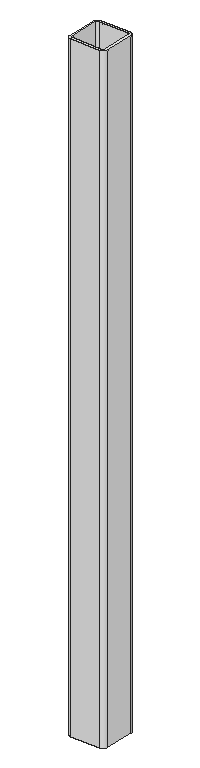
Revit family
Parameters (values of type "SHS150x150x9")
  Column Material [instance] = Metal - Steel - 345 MPa
  Assembly Code = ""
  A = 0.005 m²
  Ht = 150 mm
  W = 0.36971
  Shape = "Square"
  b = 150 mm
  kr = 2 * t  # 18 mm
  t = 9 mm
Reference planes
  plane 1 "Center (Front/Back)": y = 0
  plane 2: z = 0
  plane 3 "Center (Left/Right)": x = 0
  plane 4: x = -75
  plane 5: x = 75
  plane 6: y = 75
  plane 7: y = -75
  plane 8: x = -57
  plane 9: y = -57
  plane 10: y = 57
  plane 11: x = 57
Forms (mm)
  Extrusion 1, solid, material "Metal - Steel - 345 MPa" <- "Column Material", detail levels medium
    sketch origin (0, 0, 0) x (1, 0, 0) y (0, 1, 0)
      loop
        line (-75, 75) -> (-75, -75) -> (75, -75) -> (75, 75) -> (-75, 75)
      loop
        line (-66, 66) -> (-66, -66) -> (66, -66) -> (66, 66) -> (-66, 66)
    from 0 to 2500
  Extrusion 2, solid, material "Metal - Steel - 345 MPa" <- "Column Material", detail levels fine
    sketch origin (0, 0, 0) x (1, 0, 0) y (0, 1, 0)
      loop
        arc (-57, 75) -> (-69.728, 69.728) -> (-75, 57) r 18
        line (-75, 57) -> (-75, -57)
        arc (-75, -57) -> (-69.728, -69.728) -> (-57, -75) r 18
        line (-57, -75) -> (57, -75)
        arc (57, -75) -> (69.728, -69.728) -> (75, -57) r 18
        line (75, -57) -> (75, 57)
        arc (75, 57) -> (69.728, 69.728) -> (57, 75) r 18
        line (57, 75) -> (-57, 75)
      loop
        arc (-57, 66) -> (-63.364, 63.364) -> (-66, 57) r 9
        line (-66, 57) -> (-66, -57)
        arc (-66, -57) -> (-63.364, -63.364) -> (-57, -66) r 9
        line (-57, -66) -> (57, -66)
        arc (57, -66) -> (63.364, -63.364) -> (66, -57) r 9
        line (66, -57) -> (66, 57)
        arc (66, 57) -> (63.364, 63.364) -> (57, 66) r 9
        line (57, 66) -> (-57, 66)
    from 0 to 2500
Lines and regions (mm)
  symbolic lines, style "StructuralColumnStickSymbols", detail levels coarse
    curve 1: line (-75, 75, 0) -> (75, 75, 0)
    curve 2: line (-75, -75, 0) -> (75, -75, 0)
    curve 5: line (-75, 75, 0) -> (-75, -75, 0)
    curve 6: line (75, 75, 0) -> (75, -75, 0)
  symbolic lines, style "Hidden Faces", detail levels medium+fine
    curve 3: line (-66, 0, 0) -> (-66, 0, 2500)
    curve 4: line (66, 0, 2500) -> (66, 0, 0)
Dimensions and locks
  equal spacing: plane 4, plane 3 "Center (Left/Right)", plane 5
  equal spacing: plane 7, plane 1 "Center (Front/Back)", plane 6
  "Ht": plane 7 to plane 6
  "b": plane 4 to plane 5
  "t": Extrusion 1 sketch curve to plane 5
  "t": plane 4 to Extrusion 1 sketch curve
  "t": Extrusion 1 sketch curve to plane 6
  "t": Extrusion 1 sketch curve to plane 7
  "t": Extrusion 2 sketch curve to plane 6
  "t": Extrusion 2 sketch curve to plane 5
  "t": plane 4 to Extrusion 2 sketch curve
  "t": Extrusion 2 sketch curve to plane 7
  "kr": plane 10 to plane 6
  "kr": plane 7 to plane 9
  "kr": plane 11 to plane 5
  "kr": plane 4 to plane 8
  aligned and locked: plane 6 to Extrusion 1 sketch curve
  aligned and locked: Extrusion 1 sketch curve to plane 7
  aligned and locked: Extrusion 1 sketch curve to plane 4
  aligned and locked: plane 5 to Extrusion 1 sketch curve
  aligned and locked: level to Extrusion 1
  aligned and locked: level to plane 2
  aligned and locked: Extrusion 1 to plane 2
  aligned and locked: curve 1 to Extrusion 2 sketch curve
  aligned and locked: Extrusion 2 sketch curve to Extrusion 1
  aligned and locked: level to Extrusion 2
  aligned and locked: curve 4 to Extrusion 2
  aligned and locked: curve 3 to Extrusion 2
Automatic sketch dimensions
  Extrusion 2 sketch curve to plane 8 = 0 mm  (x4)
  Extrusion 2 sketch curve to plane 7 = 0 mm
  Extrusion 2 sketch curve to plane 11 = 0 mm
  Extrusion 2 sketch curve to plane 10 = 0 mm  (x2)
  Extrusion 2 sketch curve to plane 9 = 0 mm  (x2)
  curve 3 to level = 0 mm  (x2)
  curve 4 to level = 0 mm  (x2)
  curve 5 to plane 4 = 0 mm
  curve 2 to plane 5 = 0 mm
  curve 5 to plane 7 = 0 mm
  curve 5 to plane 6 = 0 mm
